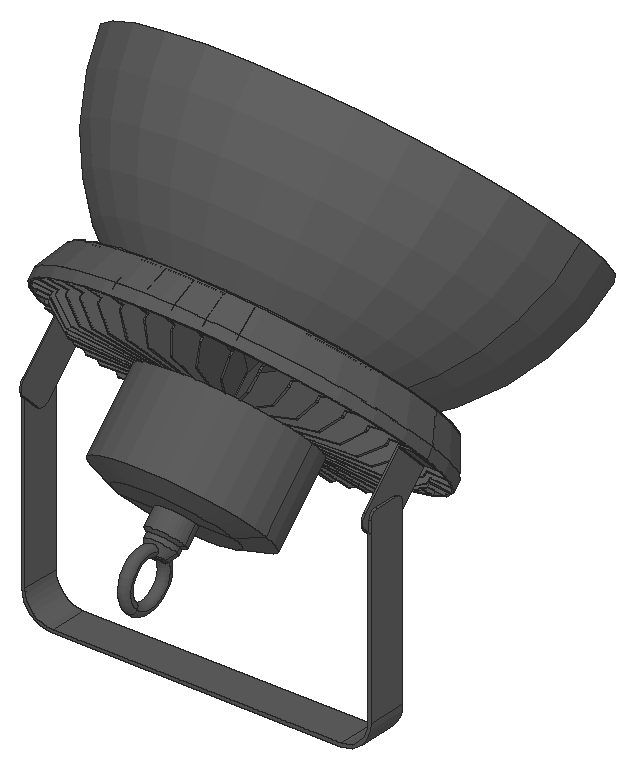
Revit family "0039346+0039355+0039360 Feilo Sylvania Lighting Fixture START HIGHBAY 4K 26KLM MEDIUM with BRACKET and ALU SHADE BLACK COLOR", category Lighting Fixtures, host Face, Revit 2017
Family settings
  Host = Face
  Round Connector Dimension = Use Diameter
  Part Type = Normal
  OmniClass Number = 23.80.70.00
  OmniClass Title = Lighting
  Cut with Voids When Loaded = No
  Light Source = No
  Shared = No
  Room Calculation Point = No
Parameters (values of type "0039346+0039355+0039360 START HIGHBAY 4K 26KLM MEDIUM with BRACKET and ALU SHADE BLACK COLOR")
  Weight = "3.7 kg"
  Wattage Comments = ""
  WarrantyStartDate [instance] = "n/a"
  WarrantyGuarantorParts = "n/a"
  WarrantyDurationUnit = "n/a"
  WarrantyDurationParts = "n/a"
  WarrantyDescription = "n/a"
  Voltage = 230 V
  URL = "http://www.sylvania-lighting.com"
  TypeName = "START HIGHBAY 4K 26KLM MEDIUM with BRACKET and ALU SHADE BLACK COLOR"
  TypeHead_FEILO = Start LED Highbay Head : 0039346+0039355+0039360 START HIGHBAY 4K 26KLM MEDIUM with BRACKET and ALU SHADE BLACK COLOR
  Type Image = <None>
  Type Comments = "n/a"
  TiltAngle_FEILO [instance] = 45.00°
  ThicknessBracketPlate_FEILO = 3 mm
  SizeBracketS_FEILO = no
  SizeBracketM_FEILO = no
  SerialNumber [instance] = "n/a"
  RadiusBracketTop_FEILO = 7 mm
  RadiusBendOut_FEILO = if(SizeBracketS_FEILO, 18 mm, if(SizeBracketM_FEILO, 24 mm, 28 mm))  # 28 mm
  RadiusBendIn_FEILO = RadiusBendOut_FEILO - ThicknessBracketPlate_FEILO  # 25 mm
  Material_3_FEILO = none
  PowerFactor = 0.95
  PowerConsumption = "200 W"
  NominalLength = 339 mm
  NominalHeight = 194 mm
  NominalDepth = 339 mm
  Name = "START HIGHBAY 4K 26KLM MEDIUM with BRACKET and ALU SHADE BLACK COLOR"
  ModelReference = Name  # "START HIGHBAY 4K 26KLM MEDIUM with BRACKET and ALU SHADE BLACK COLOR"
  ModelNumber = "0039346+0039355+0039360"
  Model = Name  # "START HIGHBAY 4K 26KLM MEDIUM with BRACKET and ALU SHADE BLACK COLOR"
  Material = "aluminium alloy housing, polycarbonate diffuser"
  ManufacturerName = "Feilo Sylvania"
  Manufacturer = "Feilo Sylvania"
  LuminousEfficacy = "130 lm/W"
  LuminaireType = ""
  LightOutputRatio = "n/a"
  LampsType = Lamp  # "LED"
  LampNominalLuminous = "26000 lm"
  LampMacAdamStep = "n/a"
  LampColourTemperature = "4000 K"
  LampColourRenderingIndex = "80"
  Lamp = "LED"
  Keynote = "16500"
  InstallationDate [instance] = "n/a"
  InputVoltage = "220-240V~"
  InputNominalFrequency = "50/60 Hz"
  IngressProtection = "IP65"
  ImpactProtectionIndex = "IK08"
  IfcExportType = "IfcLightFixtureType"
  IfcExportAs = "IfcLightFixtureType"
  ExpectedLife = 50000
  EndAngle_FEILO [instance] = TiltAngle_FEILO + 180.00°  # 225.00°
  ElectricShockClassification = "Class I"
  DurationUnit = "hours"
  DocumentationLiterature = "http://www.sylvania-lighting.com/product/en-int/products/0039346"
  DimmingControlOptions = "n/a"
  Material_2_FEILO = none
  Description = "START HIGHBAY, includes 1 m cables, black aluminium housing, 26000LM, 200W, 130lm/W, 4000K, Driver current: 5000mA, CR80, 60° beam angle, 1-10V dimmable,  IP65, IK08, 50,000 hrs (L70B50), (LxWxH) 339x339x194mm"
  Default Elevation = 1219.2 mm
  CreatedOn = "2/28/2018"
  CreatedBy = ""
  Cost = 0
  built-in parameter 1114216 [instance] = (empty or 0)
  ClassificationValue = "EF_70_80"
  ClassificationName = "Uniclass2015"
  Material_1_FEILO = Body-Sylvania-StartHighbay-Black
  BracketHeight_FEILO = if(SizeBracketS_FEILO, 199.5 mm, if(SizeBracketM_FEILO, 209.6 mm, 201.3 mm))  # 201.3 mm
  BracketDistanceInner_FEILO = if(SizeBracketS_FEILO, 249.4 mm, if(SizeBracketM_FEILO, 273.6 mm, 313.2 mm))  # 313.2 mm
  BarCode [instance] = "n/a"
  AssetType = "Fixed"
  AssetIdentifier [instance] = "n/a"
  Assembly Code = "D5020200"
  Apparent Load = 200 VA
  Material_4_FEILO = none
Reference planes
  plane 1 "Center (Front/Back)": y = 0
  plane 2: z = 0
  plane 3 "Center (Left/Right)": x = 0
  plane 4: x = -159.6
  plane 5: x = 159.6
  plane 6: z = 201.3
  plane 7: x = -156.6
  plane 8: z = 3
  plane 9: x = 156.6
  plane 10: y = 17.5
  plane 11: y = -17.5
  plane 12: y = -19.5
  plane 13: z = 203.3
  plane 14: y = 19.5
  plane 15: z = 192.3
Forms (mm)
  Extrusion 1, solid, material "Body-Sylvania-StartHighbay-Black" <- "Material_1_FEILO"
    sketch origin (0, 0, 0) x (1, 0, 0) y (0, 0, 1)
      loop
        line (-159.6, 201.3) -> (-159.6, 28)
        arc (-159.6, 28) -> (-151.399, 8.201) -> (-131.6, 0) r 28
        line (-131.6, 0) -> (131.6, 0)
        arc (131.6, 0) -> (151.399, 8.201) -> (159.6, 28) r 28
        line (159.6, 28) -> (159.6, 201.3) -> (156.6, 201.3) -> (156.6, 28)
        arc (156.6, 28) -> (149.278, 10.322) -> (131.6, 3) r 25
        line (131.6, 3) -> (-131.6, 3)
        arc (-131.6, 3) -> (-149.278, 10.322) -> (-156.6, 28) r 25
        line (-156.6, 28) -> (-156.6, 201.3) -> (-159.6, 201.3)
    from -17.5 to 17.5
  Extrusion 2, void
    sketch origin (0, 0, 0) x (0, 1, 0) y (0, 0, 1)
      loop
        arc (10.5, 201.3) -> (15.45, 199.25) -> (17.5, 194.3) r 7
        line (17.5, 194.3) -> (19.5, 194.3) -> (19.5, 203.3) -> (-19.5, 203.3) -> (-19.5, 194.3) -> (-17.5, 194.3)
        arc (-17.5, 194.3) -> (-15.45, 199.25) -> (-10.5, 201.3) r 7
        line (-10.5, 201.3) -> (10.5, 201.3)
    from -159.6 to 159.6
  Revolve 3, solid, not visible
    sketch origin (1223.4, -4572, 192.3) x (0, -1, 0) y (1, 0, 0)
      loop
        line (-4572, -1223.4) -> (-4591.5, -1223.4) -> (-4591.5, -1277.783) -> (-4572, -1277.783) -> (-4572, -1223.4)
      axis (-4572, -1223.4) -> (-4572, -1277.783)
    angle from 45 <- "TiltAngle_FEILO" to 225 <- "EndAngle_FEILO"
Cuts and joins
  Extrusion 2 cuts Extrusion 1
Dimensions and locks
  "BracketHeight_FEILO": plane 6 to plane 2
  equal spacing: plane 11, plane 1 "Center (Front/Back)", plane 10
  locked: plane 11 to plane 10 at 35
  equal spacing: plane 9, plane 3 "Center (Left/Right)", plane 7
  "BracketDistanceInner_FEILO": plane 9 to plane 7
  "ThicknessBracketPlate_FEILO": plane 7 to plane 4
  "ThicknessBracketPlate_FEILO": plane 8 to plane 2
  equal spacing: plane 5, plane 3 "Center (Left/Right)", plane 4
  equal spacing: plane 12, plane 1 "Center (Front/Back)", plane 14
  locked: plane 6 to plane 13 at 2
  locked: plane 12 to plane 11 at 2
  locked: plane 6 to plane 15 at 9
  "RadiusBendOut_FEILO": radius of Extrusion 1 sketch curve  (x2)
  "RadiusBendIn_FEILO": radius of Extrusion 1 sketch curve  (x2)
  "RadiusBracketTop_FEILO": radius of Extrusion 2 sketch curve  (x2)
  aligned and locked: plane 2 to host face
  aligned and locked: level to host face
  aligned and locked: Extrusion 1 sketch curve to plane 4
  aligned and locked: Extrusion 1 sketch curve to level
  aligned and locked: plane 6 to Extrusion 1 sketch curve
  aligned and locked: Extrusion 1 sketch curve to plane 6
  aligned and locked: Extrusion 1 sketch curve to plane 7
  aligned and locked: plane 9 to Extrusion 1 sketch curve
  aligned and locked: plane 8 to Extrusion 1 sketch curve
  aligned and locked: Extrusion 1 to plane 10
  aligned and locked: plane 11 to Extrusion 1
  aligned and locked: Extrusion 1 to Extrusion 2 sketch curve
  aligned and locked: plane 14 to Extrusion 2 sketch curve  (x2)
  aligned and locked: Extrusion 2 sketch curve to plane 12
  aligned and locked: plane 13 to Extrusion 2 sketch curve
  aligned and locked: plane 5 to Extrusion 2
  aligned and locked: Extrusion 2 to plane 4
  aligned and locked: Revolve 3 sketch curve to plane 1 "Center (Front/Back)"
  aligned and locked: Revolve 3 sketch curve to Revolve 3 sketch curve
  aligned and locked: plane 3 "Center (Left/Right)" to Revolve 3 sketch curve
  aligned and locked: Revolve 3 sketch curve to plane 14
  aligned and locked: nested 1 to plane 3 "Center (Left/Right)"
Automatic sketch dimensions
  host sketch curve to host sketch curve = 2438.4 mm  (x2)
  Revolve 3 sketch curve to Revolve 3 sketch curve = 54.383 mm
  Revolve 3 sketch curve to plane 4 = 1396.3 mm
  plane 5 to Revolve 3 sketch curve = 1396.3 mm
  Extrusion 1 sketch curve to Extrusion 1 sketch curve = 0 mm
  Extrusion 2 sketch curve to plane 11 = 0 mm
  Extrusion 2 sketch curve to plane 10 = 0 mm
Nested families
  nested 1: "Start LED Highbay Head" at (0, 0, 192.3) x (-1, 0, 0) z (0, 0.7071, 0.7071), type <- "TypeHead_FEILO", type "0039346+0039355+0039360 START HIGHBAY 4K 26KLM MEDIUM with BRACKET and ALU SHADE BLACK COLOR"
    with built-in parameter 1114216 (empty or 0)
Connectors
  electrical at (0, 0, 0), driven by "Apparent Load", driven by "PowerFactor", driven by "Voltage"
    settings: index 1, voltage 230 V, apparent load 200 VA, apparent load phase1 0 VA, apparent load phase2 0 VA, apparent load phase3 0 VA, power factor 0.95, load classification "Lighting", number of poles 1, system type 30, power factor state 1, is connector primary yes, connector utility no, sub classification motor no, connector description ""
Definition of nested family "Start LED Highbay Head"
  Parameters (values of type "0039351+0039354+0039358 START HIGHBAY 6K 19KLM WIDE with BRACKET and PC LAMPSHADE TRANSPARENT ")
    X_FEILO = if(SizeS_FEILO, 60.3 mm, if(SizeM_FEILO, 70.4 mm, 83.5 mm))  # 70.4 mm
    WidthStraight_FEILO = if(SizeS_FEILO, 3 mm, if(SizeM_FEILO, 4 mm, 4.7 mm))  # 4 mm
    WidthRingChamfer_FEILO = if(SizeS_FEILO, 10.3 mm, if(SizeM_FEILO, 11.2 mm, 12.9 mm))  # 11.2 mm
    WidthCurved_FEILO = if(SizeS_FEILO, 17.4 mm, if(SizeM_FEILO, 16.4 mm, 26.2 mm))  # 16.4 mm
    WidthCurvedRing_FEILO = if(SizeS_FEILO, 3 mm, if(SizeM_FEILO, 4 mm, 4.7 mm))  # 4 mm
    WidthBracket_FEILO = 40 mm
    Wattage Comments = ""
    Wattage = 150 W
    built-in parameter 1150110 = 1 (stored number, unit not read)
    URL = "http://www.feilosylvania.com"
    Type Image = (empty or 0)
    Type Comments = "n/a"
    built-in parameter 1114217 = 1 (stored number, unit not read)
    Tilt Angle = -90.00°
    ThicknessWall_FEILO = 1.5 mm
    ThicknessBracket_FEILO = 1.5 mm
    ThicknessBracketHalf_FEILO = ThicknessBracket_FEILO / 2  # 0.75 mm
    built-in parameter 1150109 = 1 (stored number, unit not read)
    built-in parameter 1150134 = 1
    built-in parameter 1150113 = 1 (stored number, unit not read)
    SizeS_FEILO = no
    SizeM_FEILO = yes
    ShadeThickness_FEILO = 3 mm
    ShadeSizeSM_FEILO = or(SizeS_FEILO, SizeM_FEILO)  # yes
    ShadeRadiusOut_FEILO = 205 mm
    ShadeRadiusIn_FEILO = if(ShadeSizeSM_FEILO, 95 mm, 121 mm)  # 95 mm
    ShadeRadiusBend_FEILO = if(ShadeSizeSM_FEILO, 210 mm, 210 mm)  # 210 mm
    ShadeOn_FEILO = yes
    ShadeHeight_FEILO = if(ShadeSizeSM_FEILO, 120 mm, 151 mm)  # 120 mm
    Rib4_FEILO = if(SizeS_FEILO, 18.1 mm, if(SizeM_FEILO, 13.6 mm, 14.6 mm))  # 13.6 mm
    Rib3_FEILO = if(SizeS_FEILO, 15.3 mm, if(SizeM_FEILO, 17.6 mm, 20.2 mm))  # 17.6 mm
    Rib2_FEILO = if(SizeS_FEILO, 3.6 mm, if(SizeM_FEILO, 3.9 mm, 4.5 mm))  # 3.9 mm
    Rib1_FEILO = if(SizeS_FEILO, 15.1 mm, if(SizeM_FEILO, 16.5 mm, 19 mm))  # 16.5 mm
    RadiusDiffuser_FEILO = if(SizeS_FEILO, 95.2 mm, if(SizeM_FEILO, 105.3 mm, 120 mm))  # 105.3 mm
    RadiusArrayPost_FEILO = DriverRadius_FEILO - 6 mm  # 61.2 mm
    RHRadius3_FEILO = if(SizeS_FEILO, 6.6 mm, if(SizeM_FEILO, 7.4 mm, 8.6 mm))  # 7.4 mm
    RHRadius2_FEILO = if(SizeS_FEILO, 11 mm, if(SizeM_FEILO, 12 mm, 14 mm))  # 12 mm
    RHRadius1_FEILO = if(SizeS_FEILO, 13.6 mm, if(SizeM_FEILO, 14.9 mm, 17.7 mm))  # 14.9 mm
    RHHeight4_FEILO = if(SizeS_FEILO, 7.3 mm, if(SizeM_FEILO, 8 mm, 9.2 mm))  # 8 mm
    RHHeight3_FEILO = if(SizeS_FEILO, 3.6 mm, if(SizeM_FEILO, 3.7 mm, 4.6 mm))  # 3.7 mm
    RHHeight2_FEILO = if(SizeS_FEILO, 2 mm, if(SizeM_FEILO, 2.2 mm, 2.6 mm))  # 2.2 mm
    RHHeight1_FEILO = if(SizeS_FEILO, 11.8 mm, if(SizeM_FEILO, 15.3 mm, 17.4 mm))  # 15.3 mm
    Photometric Web File = "0039351+0039358.ies"
    Material_5_FEILO = none
    Material_3_FEILO = none
    Model = "START HIGHBAY 6K 19KLM WIDE with BRACKET and PC LAMPSHADE TRANSPARENT"
    Manufacturer = "Feilo Sylvania"
    built-in parameter 1150105 = 10854.2 (stored number, unit not read)
    Lumens = 19500 lm
    built-in parameter 1150115 = 1 (stored number, unit not read)
    built-in parameter 1150137 = (empty or 0)
    built-in parameter 1150139 = (empty or 0)
    built-in parameter 1150112 = 1 (stored number, unit not read)
    built-in parameter 1150114 = 1 (stored number, unit not read)
    Lamp = "LED"
    Keynote = "16500"
    built-in parameter 1150132 = (empty or 0)
    built-in parameter 1150102 = (empty or 0)
    built-in parameter 1150107 = 6500 (stored number, unit not read)
    built-in parameter 1150138 = (empty or 0)
    built-in parameter 1150106 = 108.54 (stored number, unit not read)
    HeightRing_FEILO = if(SizeS_FEILO, 19.8 mm, if(SizeM_FEILO, 32 mm, 36.8 mm))  # 32 mm
    HeightRingChamfer_FEILO = if(SizeS_FEILO, 11.7 mm, if(SizeM_FEILO, 23.2 mm, 26.6 mm))  # 23.2 mm
    EyeThickness_FEILO = if(SizeS_FEILO, 8.4 mm, if(SizeM_FEILO, 9.2 mm, 10.5 mm))  # 9.2 mm
    EyeThicknessHalf_FEILO = EyeThickness_FEILO / 2  # 4.6 mm
    EyeInner_FEILO = if(SizeS_FEILO, 13.8 mm, if(SizeM_FEILO, 15.1 mm, 17.3 mm))  # 15.1 mm
    Emit from Circle Diameter = RadiusDiffuser_FEILO * 2  # 210.6 mm
    Emit Shape Visible in Rendering = no
    built-in parameter 1150104 = 12.077 (stored number, unit not read)
    DriverVerticalStraight_FEILO = if(SizeS_FEILO, 46.5 mm, if(SizeM_FEILO, 49.7 mm, 57 mm))  # 49.7 mm
    DriverVerticalChamfer_FEILO = if(SizeS_FEILO, 7.5 mm, if(SizeM_FEILO, 8.2 mm, 9.5 mm))  # 8.2 mm
    DriverRadius_FEILO = if(SizeS_FEILO, 61.4 mm, if(SizeM_FEILO, 67.2 mm, 76.4 mm))  # 67.2 mm
    DriverRadiusTop_FEILO = if(SizeS_FEILO, 42 mm, if(SizeM_FEILO, 45.3 mm, 52.4 mm))  # 45.3 mm
    DriverBottom_FEILO = if(SizeS_FEILO, 56 mm, if(SizeM_FEILO, 64.5 mm, 74 mm))  # 64.5 mm
    Material_2_FEILO = none
    Radius_FEILO = if(SizeS_FEILO, 135 mm, if(SizeM_FEILO, 148 mm, 169.5 mm))  # 148 mm
    Dimming Lamp Color Temperature Shift = (empty or 0)
    DiameterWire_FEILO = 3 mm
    DiameterWireSupport_FEILO = 10 mm
    Description = "START HIGHBAY, includes 1 m cables, black aluminium housing, 19500LM, 150W, 130lm/W, 6500K, Driver current: 2140mA, CR80, 60° beam angle, 1-10V dimmable,  IP65, IK08, 50,000 hrs (L70B50), (LxWxH) 296x296x177mm"
    Default Elevation = 1219.2 mm
    Cost = 0
    Color Filter = 16777215
    built-in parameter 1114216 [instance] = (empty or 0)
    Material_1_FEILO = none
    built-in parameter 1114218 = 1 (stored number, unit not read)
    built-in parameter 1150133 = 10 (stored number, unit not read)
    Assembly Code = "D5020200"
    Apparent Load = 150 VA
    Material_4_FEILO = none
  Types (36, lengths in mm): name | X_FEILO | WidthStraight_FEILO | WidthRingChamfer_FEILO | WidthCurved_FEILO | WidthCurvedRing_FEILO | Wattage | built-in parameter 1150134 | SizeS_FEILO | SizeM_FEILO | ShadeSizeSM_FEILO | ShadeRadiusIn_FEILO | ShadeOn_FEILO | ShadeHeight_FEILO | Rib4_FEILO | Rib3_FEILO | Rib2_FEILO | Rib1_FEILO | RadiusDiffuser_FEILO | RadiusArrayPost_FEILO | RHRadius3_FEILO | RHRadius2_FEILO | RHRadius1_FEILO | RHHeight4_FEILO | RHHeight3_FEILO | RHHeight2_FEILO | RHHeight1_FEILO | Photometric Web File | Model | built-in parameter 1150105 | Lumens | built-in parameter 1150107 | built-in parameter 1150106 | HeightRing_FEILO | HeightRingChamfer_FEILO | EyeThickness_FEILO | EyeThicknessHalf_FEILO | EyeInner_FEILO | Emit from Circle Diameter | DriverVerticalStraight_FEILO | DriverVerticalChamfer_FEILO | DriverRadius_FEILO | DriverRadiusTop_FEILO | DriverBottom_FEILO | Radius_FEILO | Description | Apparent Load
    0039352+0039355+0039361 START HIGHBAY 6K 26KLM WIDE with BRACKET and PC LAMPSHADE TRANSPARENT | 83.5 | 4.7 | 12.9 | 26.2 | 4.7 | 200 W | 1 | no | no | no | 121 | yes | 151 | 14.6 | 20.2 | 4.5 | 19 | 120 | 70.4 | 8.6 | 14 | 17.7 | 9.2 | 4.6 | 2.6 | 17.4 | "0039352+0039361.ies" | "START HIGHBAY 6K 26KLM WIDE with BRACKET and PC LAMPSHADE TRANSPARENT" | 17911 (stored number, unit not read) | 26000 lm | 6500 (stored number, unit not read) | 179.11 (stored number, unit not read) | 36.8 | 26.6 | 10.5 | 5.25 | 17.3 | 240 | 57 | 9.5 | 76.4 | 52.4 | 74 | 169.5 | "START HIGHBAY, includes 1 m cables, black aluminium housing, 26000LM, 200W, 130lm/W, 6500K, Driver current: 5000mA, CR80, 60° beam angle, 1-10V dimmable,  IP65, IK08, 50,000 hrs (L70B50), (LxWxH) 339x339x194mm" | 200 VA
    0039352+0039355+0039360 START HIGHBAY 6K 26KLM WIDE with BRACKET and ALU SHADE BLACK COLOR | 83.5 | 4.7 | 12.9 | 26.2 | 4.7 | 200 W | 1 | no | no | no | 121 | yes | 151 | 14.6 | 20.2 | 4.5 | 19 | 120 | 70.4 | 8.6 | 14 | 17.7 | 9.2 | 4.6 | 2.6 | 17.4 | "0039352+0039360.ies" | "START HIGHBAY 6K 26KLM WIDE with BRACKET and ALU SHADE BLACK COLOR" | 14870 (stored number, unit not read) | 26000 lm | 6500 (stored number, unit not read) | 148.7 (stored number, unit not read) | 36.8 | 26.6 | 10.5 | 5.25 | 17.3 | 240 | 57 | 9.5 | 76.4 | 52.4 | 74 | 169.5 | "START HIGHBAY, includes 1 m cables, black aluminium housing, 26000LM, 200W, 130lm/W, 6500K, Driver current: 5000mA, CR80, 60° beam angle, 1-10V dimmable,  IP65, IK08, 50,000 hrs (L70B50), (LxWxH) 339x339x194mm" | 200 VA
    0039352+0039355+0039359 START HIGHBAY 6K 26KLM WIDE with BRACKET and ALU SHADE ALU COLOR | 83.5 | 4.7 | 12.9 | 26.2 | 4.7 | 200 W | 1 | no | no | no | 121 | yes | 151 | 14.6 | 20.2 | 4.5 | 19 | 120 | 70.4 | 8.6 | 14 | 17.7 | 9.2 | 4.6 | 2.6 | 17.4 | "0039352+0039359.ies" | "START HIGHBAY 6K 26KLM WIDE with BRACKET and ALU SHADE ALU COLOR" | 14870 (stored number, unit not read) | 26000 lm | 6500 (stored number, unit not read) | 148.7 (stored number, unit not read) | 36.8 | 26.6 | 10.5 | 5.25 | 17.3 | 240 | 57 | 9.5 | 76.4 | 52.4 | 74 | 169.5 | "START HIGHBAY, includes 1 m cables, black aluminium housing, 26000LM, 200W, 130lm/W, 6500K, Driver current: 5000mA, CR80, 60° beam angle, 1-10V dimmable,  IP65, IK08, 50,000 hrs (L70B50), (LxWxH) 339x339x194mm" | 200 VA
    0039352+0039355 START HIGHBAY 6K 26KLM WIDE with BRACKET | 83.5 | 4.7 | 12.9 | 26.2 | 4.7 | 200 W | 1 | no | no | no | 121 | no | 151 | 14.6 | 20.2 | 4.5 | 19 | 120 | 70.4 | 8.6 | 14 | 17.7 | 9.2 | 4.6 | 2.6 | 17.4 | "0039352.ies" | "START HIGHBAY 6K 26KLM WIDE with BRACKET" | 13836.2 (stored number, unit not read) | 26000 lm | 6500 (stored number, unit not read) | 138.36 (stored number, unit not read) | 36.8 | 26.6 | 10.5 | 5.25 | 17.3 | 240 | 57 | 9.5 | 76.4 | 52.4 | 74 | 169.5 | "START HIGHBAY, includes 1 m cables, black aluminium housing, 26000LM, 200W, 130lm/W, 6500K, Driver current: 5000mA, CR80, 60° beam angle, 1-10V dimmable,  IP65, IK08, 50,000 hrs (L70B50), (LxWxH) 339x339x194mm" | 200 VA
    0039351+0039354+0039358 START HIGHBAY 6K 19KLM WIDE with BRACKET and PC LAMPSHADE TRANSPARENT | 70.4 | 4 | 11.2 | 16.4 | 4 | 150 W | 1 | no | yes | yes | 95 | yes | 120 | 13.6 | 17.6 | 3.9 | 16.5 | 105.3 | 61.2 | 7.4 | 12 | 14.9 | 8 | 3.7 | 2.2 | 15.3 | "0039351+0039358.ies" | "START HIGHBAY 6K 19KLM WIDE with BRACKET and PC LAMPSHADE TRANSPARENT" | 10854.2 (stored number, unit not read) | 19500 lm | 6500 (stored number, unit not read) | 108.54 (stored number, unit not read) | 32 | 23.2 | 9.2 | 4.6 | 15.1 | 210.6 | 49.7 | 8.2 | 67.2 | 45.3 | 64.5 | 148 | "START HIGHBAY, includes 1 m cables, black aluminium housing, 19500LM, 150W, 130lm/W, 6500K, Driver current: 2140mA, CR80, 60° beam angle, 1-10V dimmable,  IP65, IK08, 50,000 hrs (L70B50), (LxWxH) 296x296x177mm" | 150 VA
    0039351+0039354+0039357 START HIGHBAY 6K 19KLM WIDE with BRACKET and ALU SHADE BLACK COLOR | 70.4 | 4 | 11.2 | 16.4 | 4 | 150 W | 1 | no | yes | yes | 95 | yes | 120 | 13.6 | 17.6 | 3.9 | 16.5 | 105.3 | 61.2 | 7.4 | 12 | 14.9 | 8 | 3.7 | 2.2 | 15.3 | "0039351+0039357.ies" | "START HIGHBAY 6K 19KLM WIDE with BRACKET and ALU SHADE BLACK COLOR" | 11152.5 (stored number, unit not read) | 19500 lm | 6500 (stored number, unit not read) | 111.52 (stored number, unit not read) | 32 | 23.2 | 9.2 | 4.6 | 15.1 | 210.6 | 49.7 | 8.2 | 67.2 | 45.3 | 64.5 | 148 | "START HIGHBAY, includes 1 m cables, black aluminium housing, 19500LM, 150W, 130lm/W, 6500K, Driver current: 2140mA, CR80, 60° beam angle, 1-10V dimmable,  IP65, IK08, 50,000 hrs (L70B50), (LxWxH) 296x296x177mm" | 150 VA
    0039351+0039354+0039356 START HIGHBAY 6K 19KLM WIDE with BRACKET and ALU SHADE ALU COLOR | 70.4 | 4 | 11.2 | 16.4 | 4 | 150 W | 1 | no | yes | yes | 95 | yes | 120 | 13.6 | 17.6 | 3.9 | 16.5 | 105.3 | 61.2 | 7.4 | 12 | 14.9 | 8 | 3.7 | 2.2 | 15.3 | "0039351+0039356.ies" | "START HIGHBAY 6K 19KLM WIDE with BRACKET and ALU SHADE ALU COLOR" | 11152.5 (stored number, unit not read) | 19500 lm | 6500 (stored number, unit not read) | 111.52 (stored number, unit not read) | 32 | 23.2 | 9.2 | 4.6 | 15.1 | 210.6 | 49.7 | 8.2 | 67.2 | 45.3 | 64.5 | 148 | "START HIGHBAY, includes 1 m cables, black aluminium housing, 19500LM, 150W, 130lm/W, 6500K, Driver current: 2140mA, CR80, 60° beam angle, 1-10V dimmable,  IP65, IK08, 50,000 hrs (L70B50), (LxWxH) 296x296x177mm" | 150 VA
    0039351+0039354 START HIGHBAY 6K 19KLM WIDE with BRACKET | 70.4 | 4 | 11.2 | 16.4 | 4 | 150 W | 1 | no | yes | yes | 95 | no | 120 | 13.6 | 17.6 | 3.9 | 16.5 | 105.3 | 61.2 | 7.4 | 12 | 14.9 | 8 | 3.7 | 2.2 | 15.3 | "0039351.ies" | "START HIGHBAY 6K 19KLM WIDE with BRACKET" | 10377.1 (stored number, unit not read) | 19500 lm | 6500 (stored number, unit not read) | 103.77 (stored number, unit not read) | 32 | 23.2 | 9.2 | 4.6 | 15.1 | 210.6 | 49.7 | 8.2 | 67.2 | 45.3 | 64.5 | 148 | "START HIGHBAY, includes 1 m cables, black aluminium housing, 19500LM, 150W, 130lm/W, 6500K, Driver current: 2140mA, CR80, 60° beam angle, 1-10V dimmable,  IP65, IK08, 50,000 hrs (L70B50), (LxWxH) 296x296x177mm" | 150 VA
    0039350+0039353+0039358 START HIGHBAY 6K 13KLM WIDE with BRACKET and PC LAMPSHADE TRANSPARENT | 60.3 | 3 | 10.3 | 17.4 | 3 | 100 W | 1 | yes | no | yes | 95 | yes | 120 | 18.1 | 15.3 | 3.6 | 15.1 | 95.2 | 55.4 | 6.6 | 11 | 13.6 | 7.3 | 3.6 | 2 | 11.8 | "0039350+0039358.ies" | "START HIGHBAY 6K 13KLM WIDE with BRACKET and PC LAMPSHADE TRANSPARENT" | 7236.1 (stored number, unit not read) | 13000 lm | 6500 (stored number, unit not read) | 72.361 (stored number, unit not read) | 19.8 | 11.7 | 8.4 | 4.2 | 13.8 | 190.4 | 46.5 | 7.5 | 61.4 | 42 | 56 | 135 | "START HIGHBAY, includes 1 m cables, black aluminium housing, 13000LM, 100W, 130lm/W, 6500K, Driver current: 2140mA, CR80, 60° beam angle, 1-10V dimmable,  IP65, IK08, 50,000 hrs (L70B50), (LxWxH) 270x270x170mm" | 100 VA
    0039350+0039353+0039357 START HIGHBAY 6K 13KLM WIDE with BRACKET and ALU SHADE BLACK COLOR | 60.3 | 3 | 10.3 | 17.4 | 3 | 100 W | 1 | yes | no | yes | 95 | yes | 120 | 18.1 | 15.3 | 3.6 | 15.1 | 95.2 | 55.4 | 6.6 | 11 | 13.6 | 7.3 | 3.6 | 2 | 11.8 | "0039350+0039357.ies" | "START HIGHBAY 6K 13KLM WIDE with BRACKET and ALU SHADE BLACK COLOR" | 7435 (stored number, unit not read) | 13000 lm | 6500 (stored number, unit not read) | 74.35 (stored number, unit not read) | 19.8 | 11.7 | 8.4 | 4.2 | 13.8 | 190.4 | 46.5 | 7.5 | 61.4 | 42 | 56 | 135 | "START HIGHBAY, includes 1 m cables, black aluminium housing, 13000LM, 100W, 130lm/W, 6500K, Driver current: 2140mA, CR80, 60° beam angle, 1-10V dimmable,  IP65, IK08, 50,000 hrs (L70B50), (LxWxH) 270x270x170mm" | 100 VA
    0039350+0039353+0039356 START HIGHBAY 6K 13KLM WIDE with BRACKET and ALU SHADE ALU COLOR | 60.3 | 3 | 10.3 | 17.4 | 3 | 100 W | 1 | yes | no | yes | 95 | yes | 120 | 18.1 | 15.3 | 3.6 | 15.1 | 95.2 | 55.4 | 6.6 | 11 | 13.6 | 7.3 | 3.6 | 2 | 11.8 | "0039350+0039356.ies" | "START HIGHBAY 6K 13KLM WIDE with BRACKET and ALU SHADE ALU COLOR" | 7435 (stored number, unit not read) | 13000 lm | 6500 (stored number, unit not read) | 74.35 (stored number, unit not read) | 19.8 | 11.7 | 8.4 | 4.2 | 13.8 | 190.4 | 46.5 | 7.5 | 61.4 | 42 | 56 | 135 | "START HIGHBAY, includes 1 m cables, black aluminium housing, 13000LM, 100W, 130lm/W, 6500K, Driver current: 2140mA, CR80, 60° beam angle, 1-10V dimmable,  IP65, IK08, 50,000 hrs (L70B50), (LxWxH) 270x270x170mm" | 100 VA
    0039350+0039353 START HIGHBAY 6K 13KLM WIDE with BRACKET | 60.3 | 3 | 10.3 | 17.4 | 3 | 100 W | 1 | yes | no | yes | 95 | no | 120 | 18.1 | 15.3 | 3.6 | 15.1 | 95.2 | 55.4 | 6.6 | 11 | 13.6 | 7.3 | 3.6 | 2 | 11.8 | "0039350.ies" | "START HIGHBAY 6K 13KLM WIDE with BRACKET" | 6918.1 (stored number, unit not read) | 13000 lm | 6500 (stored number, unit not read) | 69.181 (stored number, unit not read) | 19.8 | 11.7 | 8.4 | 4.2 | 13.8 | 190.4 | 46.5 | 7.5 | 61.4 | 42 | 56 | 135 | "START HIGHBAY, includes 1 m cables, black aluminium housing, 13000LM, 100W, 130lm/W, 6500K, Driver current: 2140mA, CR80, 60° beam angle, 1-10V dimmable,  IP65, IK08, 50,000 hrs (L70B50), (LxWxH) 270x270x170mm" | 100 VA
    0039349+0039355+0039361 START HIGHBAY 4K 26KLM WIDE with BRACKET and PC LAMPSHADE TRANSPARENT FOR | 83.5 | 4.7 | 12.9 | 26.2 | 4.7 | 200 W | 12 | no | no | no | 121 | yes | 151 | 14.6 | 20.2 | 4.5 | 19 | 120 | 70.4 | 8.6 | 14 | 17.7 | 9.2 | 4.6 | 2.6 | 17.4 | "0039349+0039361.ies" | "START HIGHBAY 4K 26KLM WIDE with BRACKET and PC LAMPSHADE TRANSPARENT FOR" | 17911 (stored number, unit not read) | 26000 lm | 4000 (stored number, unit not read) | 179.11 (stored number, unit not read) | 36.8 | 26.6 | 10.5 | 5.25 | 17.3 | 240 | 57 | 9.5 | 76.4 | 52.4 | 74 | 169.5 | "START HIGHBAY, includes 1 m cables, black aluminium housing, 26000LM, 200W, 130lm/W, 4000K, Driver current: 5000mA, CR80, 90° beam angle, 1-10V dimmable,  IP65, IK08, 50,000 hrs (L70B50), (LxWxH) 339x339x194mm" | 200 VA
    0039349+0039355+0039360 START HIGHBAY 4K 26KLM WIDE with BRACKET and ALU SHADE BLACK COLOR | 83.5 | 4.7 | 12.9 | 26.2 | 4.7 | 200 W | 12 | no | no | no | 121 | yes | 151 | 14.6 | 20.2 | 4.5 | 19 | 120 | 70.4 | 8.6 | 14 | 17.7 | 9.2 | 4.6 | 2.6 | 17.4 | "0039349+0039360.ies" | "START HIGHBAY 4K 26KLM WIDE with BRACKET and ALU SHADE BLACK COLOR" | 14870 (stored number, unit not read) | 26000 lm | 4000 (stored number, unit not read) | 148.7 (stored number, unit not read) | 36.8 | 26.6 | 10.5 | 5.25 | 17.3 | 240 | 57 | 9.5 | 76.4 | 52.4 | 74 | 169.5 | "START HIGHBAY, includes 1 m cables, black aluminium housing, 26000LM, 200W, 130lm/W, 4000K, Driver current: 5000mA, CR80, 90° beam angle, 1-10V dimmable,  IP65, IK08, 50,000 hrs (L70B50), (LxWxH) 339x339x194mm" | 200 VA
    0039349+0039355+0039359 START HIGHBAY 4K 26KLM WIDE with BRACKET and ALU SHADE ALU COLOR | 83.5 | 4.7 | 12.9 | 26.2 | 4.7 | 200 W | 12 | no | no | no | 121 | yes | 151 | 14.6 | 20.2 | 4.5 | 19 | 120 | 70.4 | 8.6 | 14 | 17.7 | 9.2 | 4.6 | 2.6 | 17.4 | "0039349+0039359.ies" | "START HIGHBAY 4K 26KLM WIDE with BRACKET and ALU SHADE ALU COLOR" | 14870 (stored number, unit not read) | 26000 lm | 4000 (stored number, unit not read) | 148.7 (stored number, unit not read) | 36.8 | 26.6 | 10.5 | 5.25 | 17.3 | 240 | 57 | 9.5 | 76.4 | 52.4 | 74 | 169.5 | "START HIGHBAY, includes 1 m cables, black aluminium housing, 26000LM, 200W, 130lm/W, 4000K, Driver current: 5000mA, CR80, 90° beam angle, 1-10V dimmable,  IP65, IK08, 50,000 hrs (L70B50), (LxWxH) 339x339x194mm" | 200 VA
    0039349+0039355 START HIGHBAY 4K 26KLM WIDE with BRACKET | 83.5 | 4.7 | 12.9 | 26.2 | 4.7 | 200 W | 12 | no | no | no | 121 | no | 151 | 14.6 | 20.2 | 4.5 | 19 | 120 | 70.4 | 8.6 | 14 | 17.7 | 9.2 | 4.6 | 2.6 | 17.4 | "0039349.ies" | "START HIGHBAY 4K 26KLM WIDE with BRACKET" | 13836.2 (stored number, unit not read) | 26000 lm | 4000 (stored number, unit not read) | 138.36 (stored number, unit not read) | 36.8 | 26.6 | 10.5 | 5.25 | 17.3 | 240 | 57 | 9.5 | 76.4 | 52.4 | 74 | 169.5 | "START HIGHBAY, includes 1 m cables, black aluminium housing, 26000LM, 200W, 130lm/W, 4000K, Driver current: 5000mA, CR80, 90° beam angle, 1-10V dimmable,  IP65, IK08, 50,000 hrs (L70B50), (LxWxH) 339x339x194mm" | 200 VA
    0039348+0039354+0039358 START HIGHBAY 4K 19KLM WIDE with BRACKET and PC LAMPSHADE TRANSPARENT | 70.4 | 4 | 11.2 | 16.4 | 4 | 150 W | 12 | no | yes | yes | 95 | yes | 120 | 13.6 | 17.6 | 3.9 | 16.5 | 105.3 | 61.2 | 7.4 | 12 | 14.9 | 8 | 3.7 | 2.2 | 15.3 | "0039348+0039358.ies" | "START HIGHBAY 4K 19KLM WIDE with BRACKET and PC LAMPSHADE TRANSPARENT" | 10854.2 (stored number, unit not read) | 19500 lm | 4000 (stored number, unit not read) | 108.54 (stored number, unit not read) | 32 | 23.2 | 9.2 | 4.6 | 15.1 | 210.6 | 49.7 | 8.2 | 67.2 | 45.3 | 64.5 | 148 | "START HIGHBAY, includes 1 m cables, black aluminium housing, 19500LM, 150W, 130lm/W, 4000K, Driver current: 3210mA, CR80, 90° beam angle, 1-10V dimmable,  IP65, IK08, 50,000 hrs (L70B50), (LxWxH) 296x296x177mm" | 150 VA
    0039348+0039354+0039357 START HIGHBAY 4K 19KLM WIDE with BRACKET and ALU SHADE BLACK COLOR | 70.4 | 4 | 11.2 | 16.4 | 4 | 150 W | 12 | no | yes | yes | 95 | yes | 120 | 13.6 | 17.6 | 3.9 | 16.5 | 105.3 | 61.2 | 7.4 | 12 | 14.9 | 8 | 3.7 | 2.2 | 15.3 | "0039348+0039357.ies" | "START HIGHBAY 4K 19KLM WIDE with BRACKET and ALU SHADE BLACK COLOR" | 11152.5 (stored number, unit not read) | 19500 lm | 4000 (stored number, unit not read) | 111.52 (stored number, unit not read) | 32 | 23.2 | 9.2 | 4.6 | 15.1 | 210.6 | 49.7 | 8.2 | 67.2 | 45.3 | 64.5 | 148 | "START HIGHBAY, includes 1 m cables, black aluminium housing, 19500LM, 150W, 130lm/W, 4000K, Driver current: 3210mA, CR80, 90° beam angle, 1-10V dimmable,  IP65, IK08, 50,000 hrs (L70B50), (LxWxH) 296x296x177mm" | 150 VA
    0039348+0039354+0039356 START HIGHBAY 4K 19KLM WIDE with BRACKET and ALU SHADE ALU COLOR | 70.4 | 4 | 11.2 | 16.4 | 4 | 150 W | 12 | no | yes | yes | 95 | yes | 120 | 13.6 | 17.6 | 3.9 | 16.5 | 105.3 | 61.2 | 7.4 | 12 | 14.9 | 8 | 3.7 | 2.2 | 15.3 | "0039348+0039356.ies" | "START HIGHBAY 4K 19KLM WIDE with BRACKET and ALU SHADE ALU COLOR" | 11152.5 (stored number, unit not read) | 19500 lm | 4000 (stored number, unit not read) | 111.52 (stored number, unit not read) | 32 | 23.2 | 9.2 | 4.6 | 15.1 | 210.6 | 49.7 | 8.2 | 67.2 | 45.3 | 64.5 | 148 | "START HIGHBAY, includes 1 m cables, black aluminium housing, 19500LM, 150W, 130lm/W, 4000K, Driver current: 3210mA, CR80, 90° beam angle, 1-10V dimmable,  IP65, IK08, 50,000 hrs (L70B50), (LxWxH) 296x296x177mm" | 150 VA
    0039348+0039354 START HIGHBAY 4K 19KLM WIDE with BRACKET | 70.4 | 4 | 11.2 | 16.4 | 4 | 150 W | 12 | no | yes | yes | 95 | no | 120 | 13.6 | 17.6 | 3.9 | 16.5 | 105.3 | 61.2 | 7.4 | 12 | 14.9 | 8 | 3.7 | 2.2 | 15.3 | "0039348.ies" | "START HIGHBAY 4K 19KLM WIDE with BRACKET" | 10377.1 (stored number, unit not read) | 19500 lm | 4000 (stored number, unit not read) | 103.77 (stored number, unit not read) | 32 | 23.2 | 9.2 | 4.6 | 15.1 | 210.6 | 49.7 | 8.2 | 67.2 | 45.3 | 64.5 | 148 | "START HIGHBAY, includes 1 m cables, black aluminium housing, 19500LM, 150W, 130lm/W, 4000K, Driver current: 3210mA, CR80, 90° beam angle, 1-10V dimmable,  IP65, IK08, 50,000 hrs (L70B50), (LxWxH) 296x296x177mm" | 150 VA
    0039347+0039353+0039358 START HIGHBAY 4K 13KLM WIDE with BRACKET and PC LAMPSHADE TRANSPARENT | 60.3 | 3 | 10.3 | 17.4 | 3 | 100 W | 12 | yes | no | yes | 95 | yes | 120 | 18.1 | 15.3 | 3.6 | 15.1 | 95.2 | 55.4 | 6.6 | 11 | 13.6 | 7.3 | 3.6 | 2 | 11.8 | "0039347+0039358.ies" | "START HIGHBAY 4K 13KLM WIDE with BRACKET and PC LAMPSHADE TRANSPARENT" | 7236.1 (stored number, unit not read) | 13000 lm | 4000 (stored number, unit not read) | 72.361 (stored number, unit not read) | 19.8 | 11.7 | 8.4 | 4.2 | 13.8 | 190.4 | 46.5 | 7.5 | 61.4 | 42 | 56 | 135 | "START HIGHBAY, includes 1 m cables, black aluminium housing, 13000LM, 100W, 130lm/W, 4000K, Driver current: 2140mA, CR80, 90° beam angle, 1-10V dimmable,  IP65, IK08, 50,000 hrs (L70B50), (LxWxH) 270x270x170mm" | 100 VA
    0039347+0039353+0039357 START HIGHBAY 4K 13KLM WIDE with BRACKET and ALU SHADE BLACK COLOR | 60.3 | 3 | 10.3 | 17.4 | 3 | 100 W | 12 | yes | no | yes | 95 | yes | 120 | 18.1 | 15.3 | 3.6 | 15.1 | 95.2 | 55.4 | 6.6 | 11 | 13.6 | 7.3 | 3.6 | 2 | 11.8 | "0039347+0039357.ies" | "START HIGHBAY 4K 13KLM WIDE with BRACKET and ALU SHADE BLACK COLOR" | 7435 (stored number, unit not read) | 13000 lm | 4000 (stored number, unit not read) | 74.35 (stored number, unit not read) | 19.8 | 11.7 | 8.4 | 4.2 | 13.8 | 190.4 | 46.5 | 7.5 | 61.4 | 42 | 56 | 135 | "START HIGHBAY, includes 1 m cables, black aluminium housing, 13000LM, 100W, 130lm/W, 4000K, Driver current: 2140mA, CR80, 90° beam angle, 1-10V dimmable,  IP65, IK08, 50,000 hrs (L70B50), (LxWxH) 270x270x170mm" | 100 VA
    0039347+0039353+0039356 START HIGHBAY 4K 13KLM WIDE with BRACKET and ALU SHADE ALU COLOR | 60.3 | 3 | 10.3 | 17.4 | 3 | 100 W | 12 | yes | no | yes | 95 | yes | 120 | 18.1 | 15.3 | 3.6 | 15.1 | 95.2 | 55.4 | 6.6 | 11 | 13.6 | 7.3 | 3.6 | 2 | 11.8 | "0039347+0039356.ies" | "START HIGHBAY 4K 13KLM WIDE with BRACKET and ALU SHADE ALU COLOR" | 7435 (stored number, unit not read) | 13000 lm | 4000 (stored number, unit not read) | 74.35 (stored number, unit not read) | 19.8 | 11.7 | 8.4 | 4.2 | 13.8 | 190.4 | 46.5 | 7.5 | 61.4 | 42 | 56 | 135 | "START HIGHBAY, includes 1 m cables, black aluminium housing, 13000LM, 100W, 130lm/W, 4000K, Driver current: 2140mA, CR80, 90° beam angle, 1-10V dimmable,  IP65, IK08, 50,000 hrs (L70B50), (LxWxH) 270x270x170mm" | 100 VA
    0039347+0039353 START HIGHBAY 4K 13KLM WIDE with BRACKET | 60.3 | 3 | 10.3 | 17.4 | 3 | 100 W | 12 | yes | no | yes | 95 | no | 120 | 18.1 | 15.3 | 3.6 | 15.1 | 95.2 | 55.4 | 6.6 | 11 | 13.6 | 7.3 | 3.6 | 2 | 11.8 | "0039347.ies" | "START HIGHBAY 4K 13KLM WIDE with BRACKET" | 6918.1 (stored number, unit not read) | 13000 lm | 4000 (stored number, unit not read) | 69.181 (stored number, unit not read) | 19.8 | 11.7 | 8.4 | 4.2 | 13.8 | 190.4 | 46.5 | 7.5 | 61.4 | 42 | 56 | 135 | "START HIGHBAY, includes 1 m cables, black aluminium housing, 13000LM, 100W, 130lm/W, 4000K, Driver current: 2140mA, CR80, 90° beam angle, 1-10V dimmable,  IP65, IK08, 50,000 hrs (L70B50), (LxWxH) 270x270x170mm" | 100 VA
    0039346+0039355+0039361 START HIGHBAY 4K 26KLM MEDIUM with BRACKET and PC LAMPSHADE TRANSPARENT | 83.5 | 4.7 | 12.9 | 26.2 | 4.7 | 200 W | 12 | no | no | no | 121 | yes | 151 | 14.6 | 20.2 | 4.5 | 19 | 120 | 70.4 | 8.6 | 14 | 17.7 | 9.2 | 4.6 | 2.6 | 17.4 | "0039346+0039361.ies" | "START HIGHBAY 4K 26KLM MEDIUM with BRACKET and PC LAMPSHADE TRANSPARENT" | 35142.4 (stored number, unit not read) | 26000 lm | 4000 (stored number, unit not read) | 351.42 (stored number, unit not read) | 36.8 | 26.6 | 10.5 | 5.25 | 17.3 | 240 | 57 | 9.5 | 76.4 | 52.4 | 74 | 169.5 | "START HIGHBAY, includes 1 m cables, black aluminium housing, 26000LM, 200W, 130lm/W, 4000K, Driver current: 5000mA, CR80, 60° beam angle, 1-10V dimmable,  IP65, IK08, 50,000 hrs (L70B50), (LxWxH) 339x339x194mm" | 200 VA
    0039346+0039355+0039360 START HIGHBAY 4K 26KLM MEDIUM with BRACKET and ALU SHADE BLACK COLOR | 83.5 | 4.7 | 12.9 | 26.2 | 4.7 | 200 W | 12 | no | no | no | 121 | yes | 151 | 14.6 | 20.2 | 4.5 | 19 | 120 | 70.4 | 8.6 | 14 | 17.7 | 9.2 | 4.6 | 2.6 | 17.4 | "0039346+0039360.ies" | "START HIGHBAY 4K 26KLM MEDIUM with BRACKET and ALU SHADE BLACK COLOR" | 35336 (stored number, unit not read) | 26000 lm | 4000 (stored number, unit not read) | 353.36 (stored number, unit not read) | 36.8 | 26.6 | 10.5 | 5.25 | 17.3 | 240 | 57 | 9.5 | 76.4 | 52.4 | 74 | 169.5 | "START HIGHBAY, includes 1 m cables, black aluminium housing, 26000LM, 200W, 130lm/W, 4000K, Driver current: 5000mA, CR80, 60° beam angle, 1-10V dimmable,  IP65, IK08, 50,000 hrs (L70B50), (LxWxH) 339x339x194mm" | 200 VA
    0039346+0039355+0039359 START HIGHBAY 4K 26KLM MEDIUM with BRACKET and ALU SHADE ALU COLOR | 83.5 | 4.7 | 12.9 | 26.2 | 4.7 | 200 W | 12 | no | no | no | 121 | yes | 151 | 14.6 | 20.2 | 4.5 | 19 | 120 | 70.4 | 8.6 | 14 | 17.7 | 9.2 | 4.6 | 2.6 | 17.4 | "0039346+0039359.ies" | "START HIGHBAY 4K 26KLM MEDIUM with BRACKET and ALU SHADE ALU COLOR" | 35336 (stored number, unit not read) | 26000 lm | 4000 (stored number, unit not read) | 353.36 (stored number, unit not read) | 36.8 | 26.6 | 10.5 | 5.25 | 17.3 | 240 | 57 | 9.5 | 76.4 | 52.4 | 74 | 169.5 | "START HIGHBAY, includes 1 m cables, black aluminium housing, 26000LM, 200W, 130lm/W, 4000K, Driver current: 5000mA, CR80, 60° beam angle, 1-10V dimmable,  IP65, IK08, 50,000 hrs (L70B50), (LxWxH) 339x339x194mm" | 200 VA
    0039346+0039355 START HIGHBAY 4K 26KLM MEDIUM with BRACKET | 83.5 | 4.7 | 12.9 | 26.2 | 4.7 | 200 W | 12 | no | no | no | 121 | no | 151 | 14.6 | 20.2 | 4.5 | 19 | 120 | 70.4 | 8.6 | 14 | 17.7 | 9.2 | 4.6 | 2.6 | 17.4 | "0039346.ies" | "START HIGHBAY 4K 26KLM MEDIUM with BRACKET" | 32161 (stored number, unit not read) | 26000 lm | 4000 (stored number, unit not read) | 321.61 (stored number, unit not read) | 36.8 | 26.6 | 10.5 | 5.25 | 17.3 | 240 | 57 | 9.5 | 76.4 | 52.4 | 74 | 169.5 | "START HIGHBAY, includes 1 m cables, black aluminium housing, 26000LM, 200W, 130lm/W, 4000K, Driver current: 5000mA, CR80, 60° beam angle, 1-10V dimmable,  IP65, IK08, 50,000 hrs (L70B50), (LxWxH) 339x339x194mm" | 200 VA
    0039345+0039354+0039358 START HIGHBAY 4K 19KLM MEDIUM with BRACKET and PC LAMPSHADE TRANSPARENT | 70.4 | 4 | 11.2 | 16.4 | 4 | 150 W | 12 | no | yes | yes | 95 | yes | 120 | 13.6 | 17.6 | 3.9 | 16.5 | 105.3 | 61.2 | 7.4 | 12 | 14.9 | 8 | 3.7 | 2.2 | 15.3 | "0039345+0039358.ies" | "START HIGHBAY 4K 19KLM MEDIUM with BRACKET and PC LAMPSHADE TRANSPARENT" | 24535.9 (stored number, unit not read) | 19500 lm | 4000 (stored number, unit not read) | 245.36 (stored number, unit not read) | 32 | 23.2 | 9.2 | 4.6 | 15.1 | 210.6 | 49.7 | 8.2 | 67.2 | 45.3 | 64.5 | 148 | "START HIGHBAY, includes 1 m cables, black aluminium housing, 19500LM, 150W, 130lm/W, 4000K, Driver current: 3210mA, CR80, 60° beam angle, 1-10V dimmable,  IP65, IK08, 50,000 hrs (L70B50), (LxWxH) 296x296x177mm" | 150 VA
    0039345+0039354+0039357 START HIGHBAY 4K 19KLM MEDIUM with BRACKET and ALU SHADE BLACK COLOR | 70.4 | 4 | 11.2 | 16.4 | 4 | 150 W | 12 | no | yes | yes | 95 | yes | 120 | 13.6 | 17.6 | 3.9 | 16.5 | 105.3 | 61.2 | 7.4 | 12 | 14.9 | 8 | 3.7 | 2.2 | 15.3 | "0039345+0039357.ies" | "START HIGHBAY 4K 19KLM MEDIUM with BRACKET and ALU SHADE BLACK COLOR" | 26502 (stored number, unit not read) | 19500 lm | 4000 (stored number, unit not read) | 265.02 (stored number, unit not read) | 32 | 23.2 | 9.2 | 4.6 | 15.1 | 210.6 | 49.7 | 8.2 | 67.2 | 45.3 | 64.5 | 148 | "START HIGHBAY, includes 1 m cables, black aluminium housing, 19500LM, 150W, 130lm/W, 4000K, Driver current: 3210mA, CR80, 60° beam angle, 1-10V dimmable,  IP65, IK08, 50,000 hrs (L70B50), (LxWxH) 296x296x177mm" | 150 VA
    0039345+0039354+0039356 START HIGHBAY 4K 19KLM MEDIUM with BRACKET and ALU SHADE ALU COLOR | 70.4 | 4 | 11.2 | 16.4 | 4 | 150 W | 12 | no | yes | yes | 95 | yes | 120 | 13.6 | 17.6 | 3.9 | 16.5 | 105.3 | 61.2 | 7.4 | 12 | 14.9 | 8 | 3.7 | 2.2 | 15.3 | "0039345+0039356.ies" | "START HIGHBAY 4K 19KLM MEDIUM with BRACKET and ALU SHADE ALU COLOR" | 26502 (stored number, unit not read) | 19500 lm | 4000 (stored number, unit not read) | 265.02 (stored number, unit not read) | 32 | 23.2 | 9.2 | 4.6 | 15.1 | 210.6 | 49.7 | 8.2 | 67.2 | 45.3 | 64.5 | 148 | "START HIGHBAY, includes 1 m cables, black aluminium housing, 19500LM, 150W, 130lm/W, 4000K, Driver current: 3210mA, CR80, 60° beam angle, 1-10V dimmable,  IP65, IK08, 50,000 hrs (L70B50), (LxWxH) 296x296x177mm" | 150 VA
    0039345+0039354 START HIGHBAY 4K 19KLM MEDIUM with BRACKET | 70.4 | 4 | 11.2 | 16.4 | 4 | 150 W | 12 | no | yes | yes | 95 | no | 120 | 13.6 | 17.6 | 3.9 | 16.5 | 105.3 | 61.2 | 7.4 | 12 | 14.9 | 8 | 3.7 | 2.2 | 15.3 | "0039345.ies" | "START HIGHBAY 4K 19KLM MEDIUM with BRACKET" | 24120.8 (stored number, unit not read) | 19500 lm | 4000 (stored number, unit not read) | 241.21 (stored number, unit not read) | 32 | 23.2 | 9.2 | 4.6 | 15.1 | 210.6 | 49.7 | 8.2 | 67.2 | 45.3 | 64.5 | 148 | "START HIGHBAY, includes 1 m cables, black aluminium housing, 19500LM, 150W, 130lm/W, 4000K, Driver current: 3210mA, CR80, 60° beam angle, 1-10V dimmable,  IP65, IK08, 50,000 hrs (L70B50), (LxWxH) 296x296x177mm" | 150 VA
    0039344+0039353+0039358 START HIGHBAY 4K 13KLM MEDIUM with BRACKET and PC LAMPSHADE TRANSPARENT | 60.3 | 3 | 10.3 | 17.4 | 3 | 100 W | 12 | yes | no | yes | 95 | yes | 120 | 18.1 | 15.3 | 3.6 | 15.1 | 95.2 | 55.4 | 6.6 | 11 | 13.6 | 7.3 | 3.6 | 2 | 11.8 | "0039344+0039358.ies" | "START HIGHBAY 4K 13KLM MEDIUM with BRACKET and PC LAMPSHADE TRANSPARENT" | 17571.2 (stored number, unit not read) | 13000 lm | 4000 (stored number, unit not read) | 175.71 (stored number, unit not read) | 19.8 | 11.7 | 8.4 | 4.2 | 13.8 | 190.4 | 46.5 | 7.5 | 61.4 | 42 | 56 | 135 | "START HIGHBAY, includes 1 m cables, black aluminium housing, 13000LM, 100W, 130lm/W, 4000K, Driver current: 2140mA, CR80, 60° beam angle, 1-10V dimmable,  IP65, IK08, 50,000 hrs (L70B50), (LxWxH) 270x270x170mm" | 100 VA
    0039344+0039353+0039357 START HIGHBAY 4K 13KLM MEDIUM with BRACKET and ALU SHADE BLACK COLOR | 60.3 | 3 | 10.3 | 17.4 | 3 | 100 W | 12 | yes | no | yes | 95 | yes | 120 | 18.1 | 15.3 | 3.6 | 15.1 | 95.2 | 55.4 | 6.6 | 11 | 13.6 | 7.3 | 3.6 | 2 | 11.8 | "0039344+0039357.ies" | "START HIGHBAY 4K 13KLM MEDIUM with BRACKET and ALU SHADE BLACK COLOR" | 17668 (stored number, unit not read) | 13000 lm | 4000 (stored number, unit not read) | 176.68 (stored number, unit not read) | 19.8 | 11.7 | 8.4 | 4.2 | 13.8 | 190.4 | 46.5 | 7.5 | 61.4 | 42 | 56 | 135 | "START HIGHBAY, includes 1 m cables, black aluminium housing, 13000LM, 100W, 130lm/W, 4000K, Driver current: 2140mA, CR80, 60° beam angle, 1-10V dimmable,  IP65, IK08, 50,000 hrs (L70B50), (LxWxH) 270x270x170mm" | 100 VA
    0039344+0039353+0039356 START HIGHBAY 4K 13KLM MEDIUM with BRACKET and ALU SHADE ALU COLOR | 60.3 | 3 | 10.3 | 17.4 | 3 | 100 W | 12 | yes | no | yes | 95 | yes | 120 | 18.1 | 15.3 | 3.6 | 15.1 | 95.2 | 55.4 | 6.6 | 11 | 13.6 | 7.3 | 3.6 | 2 | 11.8 | "0039344+0039356.ies" | "START HIGHBAY 4K 13KLM MEDIUM with BRACKET and ALU SHADE ALU COLOR" | 17668 (stored number, unit not read) | 13000 lm | 4000 (stored number, unit not read) | 176.68 (stored number, unit not read) | 19.8 | 11.7 | 8.4 | 4.2 | 13.8 | 190.4 | 46.5 | 7.5 | 61.4 | 42 | 56 | 135 | "START HIGHBAY, includes 1 m cables, black aluminium housing, 13000LM, 100W, 130lm/W, 4000K, Driver current: 2140mA, CR80, 60° beam angle, 1-10V dimmable,  IP65, IK08, 50,000 hrs (L70B50), (LxWxH) 270x270x170mm" | 100 VA
    0039344+0039353 START HIGHBAY 4K 13KLM MEDIUM with BRACKET | 60.3 | 3 | 10.3 | 17.4 | 3 | 100 W | 12 | yes | no | yes | 95 | no | 120 | 18.1 | 15.3 | 3.6 | 15.1 | 95.2 | 55.4 | 6.6 | 11 | 13.6 | 7.3 | 3.6 | 2 | 11.8 | "0039344.ies" | "START HIGHBAY 4K 13KLM MEDIUM with BRACKET" | 16080.5 (stored number, unit not read) | 13000 lm | 4000 (stored number, unit not read) | 160.81 (stored number, unit not read) | 19.8 | 11.7 | 8.4 | 4.2 | 13.8 | 190.4 | 46.5 | 7.5 | 61.4 | 42 | 56 | 135 | "START HIGHBAY, includes 1 m cables, black aluminium housing, 13000LM, 100W, 130lm/W, 4000K, Driver current: 2140mA, CR80, 60° beam angle, 1-10V dimmable,  IP65, IK08, 50,000 hrs (L70B50), (LxWxH) 270x270x170mm" | 100 VA
  Reference planes
    plane 1 "Center (Front/Back)": y = 0
    plane 2: z = 0
    plane 3 "Center (Left/Right)": x = 0
    plane 4: z = 70.4
    plane 5: x = -148
    plane 6: x = -136.8
    plane 7: z = 47.2
    plane 8: z = 38.4
    plane 9: x = -132.8
    plane 10: z = 67.775
    plane 11: x = -116.4
    plane 12: x = -105.3
    plane 13: x = -128.8
    plane 14: z = 68.775
    plane 15: z = 66.775
    plane 16: x = -102.3
    plane 17: z = 65.775
    plane 18: x = -146.5
    plane 19: x = -131.5
    plane 20: z = 34.5
    plane 21: x = -113.9
    plane 22: z = 20.9
    plane 23: x = -20
    plane 24: z = 5.9
    plane 25: x = -67.2
    plane 26: z = -43.8
    plane 27: x = -45.3
    plane 28: z = -52
    plane 29: x = -14.9
    plane 30: z = -67.3
    plane 31: z = -69.5
    plane 32: x = -12
    plane 33: z = -73.2
    plane 34: z = -81.2
    plane 35: x = -7.4
    plane 36: z = -96.3
    plane 37: z = -111.4
    plane 38: x = 4.6
    plane 39: x = -4.6
    plane 40: z = -120.6
    plane 41: z = -116
    plane 42: x = -141.65
    plane 43: x = -145.5
    plane 44: z = 36.9
    plane 45: x = -135.3
    plane 46: z = -18.95
    plane 47: y = -20
    plane 48: y = 20
    plane 49: x = 148
    plane 50: x = 136.8
    plane 51: x = 146.5
    plane 52: x = 141.65
    plane 53: x = 145.5
    plane 54: x = 135.3
    plane 55: x = -205
    plane 56: z = 190.4
    plane 57: x = -95
    plane 58: x = -87
    plane 59: x = -202
    plane 60: z = 73.4
  Forms (mm)
    Extrusion 1, solid
      sketch origin (4.2, 0, 0) x (1, 0, 0) y (0, 1, 0)
        loop
          line (-1219.2, 1219.2) -> (-1219.2, -1219.2) -> (1219.2, -1219.2) -> (1219.2, 1219.2) -> (-1219.2, 1219.2)
      from 0 to -68.017
    Revolve 2, solid, material <- "Material_1_FEILO", detail levels medium+fine
      sketch origin (0, 0, 0) x (1, 0, 0) y (0, 0, 1)
        loop
          line (-148, 38.4) -> (-146.5, 38.4) -> (-146.5, 46.857) -> (-136.402, 67.775) -> (-128.8, 67.775) -> (-128.8, 69.259)
          arc (-128.8, 69.259) -> (-130.811, 69.79) -> (-132.8, 70.4) r 52.543
          line (-132.8, 70.4) -> (-136.341, 70.4)
          arc (-136.341, 70.4) -> (-136.831, 70.225) -> (-137.099, 69.78) r 0.774
          line (-137.099, 69.78) -> (-148, 47.2) -> (-148, 38.4)
        axis (0, 70.4) -> (0, 38.4)
      angle from 360 to 0
    Revolve 3, solid, material <- "Material_1_FEILO", detail levels medium+fine
      sketch origin (0, 0, 0) x (1, 0, 0) y (0, 0, 1)
        loop
          line (-116.4, 65.775) -> (-105.3, 65.775) -> (-105.3, 47.2) -> (0, 47.2) -> (0, 65.775) -> (-102.3, 65.775) -> (-102.3, 66.775) -> (-105.3, 66.775) -> (-105.3, 67.775) -> (-116.4, 67.775) -> (-116.4, 65.775)
        axis (0, 67.775) -> (0, 47.2)
      angle from 360 to 0
    Revolve 4, solid, material <- "Material_2_FEILO", detail levels medium+fine
      sketch origin (0, 0, 0) x (1, 0, 0) y (0, 0, 1)
        loop
          line (-105.3, 66.775) -> (0, 66.775) -> (0, 68.775) -> (-105.3, 68.775) -> (-105.3, 66.775)
        axis (0, 68.775) -> (0, 66.775)
      angle from 360 to 0
    Revolve 5, solid, material <- "Material_1_FEILO"
      sketch origin (0, 0, 0) x (1, 0, 0) y (0, 0, 1)
        loop
          line (-67.2, 20.9) -> (-67.2, -43.8) -> (-45.3, -52) -> (-14.9, -52) -> (-14.9, -67.3) -> (-12, -69.5) -> (-12, -73.2) -> (-7.837, -80.474)
          arc (-7.837, -80.474) -> (-7.29, -81.006) -> (-6.553, -81.2) r 1.5
          line (-6.553, -81.2) -> (0, -81.2) -> (0, 20.9) -> (-67.2, 20.9)
        axis (0, 20.9) -> (0, -81.2)
      angle from 360 to 0
    Revolve 6, solid, material <- "Material_1_FEILO"
      sketch origin (0, 0, 0) x (1, 0, 0) y (0, 0, 1)
        loop
          circle (0, -116) r 4.6
        axis (4.6, -96.3) -> (-4.6, -96.3)
      angle from 360 to 0
    Extrusion 7, solid, material <- "Material_1_FEILO"
      sketch origin (0, 0, 0) x (1, 0, 0) y (0, 0, 1)
        loop
          line (-145.5, 38.4) -> (-145.5, 36.9) -> (-137.55, 36.9)
          arc (-137.55, 36.9) -> (-137.02, 36.68) -> (-136.8, 36.15) r 0.75
          line (-136.8, 36.15) -> (-136.8, -18.95) -> (-135.3, -18.95) -> (-135.3, 36.9)
          arc (-135.3, 36.9) -> (-135.739, 37.961) -> (-136.8, 38.4) r 1.5
          line (-136.8, 38.4) -> (-145.5, 38.4)
        loop
          line (145.5, 38.4) -> (136.8, 38.4)
          arc (136.8, 38.4) -> (135.739, 37.961) -> (135.3, 36.9) r 1.5
          line (135.3, 36.9) -> (135.3, -18.95) -> (136.8, -18.95) -> (136.8, 36.15)
          arc (136.8, 36.15) -> (137.02, 36.68) -> (137.55, 36.9) r 0.75
          line (137.55, 36.9) -> (145.5, 36.9) -> (145.5, 38.4)
      from -20 to 20
    Extrusion 8, void
      sketch origin (0, 0, 0) x (0, 1, 0) y (0, 0, 1)
        loop
          arc (-10, -18.95) -> (-17.071, -16.021) -> (-20, -8.95) r 10
          line (-20, -8.95) -> (-25, -8.95) -> (-25, -23.95) -> (-10, -23.95) -> (-10, -18.95)
        loop
          line (10, -18.95) -> (10, -23.95) -> (25, -23.95) -> (25, -8.95) -> (20, -8.95)
          arc (20, -8.95) -> (17.071, -16.021) -> (10, -18.95) r 10
      from -136.8 to 136.8
    Revolve 9, solid, material <- "Material_1_FEILO", detail levels coarse
      sketch origin (0, 0, 0) x (1, 0, 0) y (0, 0, 1)
        loop
          line (0, 70.4) -> (-136.8, 70.4) -> (-148, 47.2) -> (-148, 38.4) -> (-131.5, 38.4) -> (-131.5, 34.5) -> (-113.9, 20.9) -> (0, 20.9) -> (0, 70.4)
        axis (0, 70.4) -> (0, 20.9)
      angle from 360 to 0
    Revolve 10, solid, material <- "Material_4_FEILO", visible <- "ShadeOn_FEILO"
      sketch origin (0, 0, 0) x (1, 0, 0) y (0, 0, 1)
        loop
          line (-95, 70.4) -> (-87, 70.4) -> (-87, 73.4) -> (-94.341, 73.4)
          arc (-94.341, 73.4) -> (-159.747, 121.18) -> (-201.81, 190.4) r 207
          line (-201.81, 190.4) -> (-205, 190.4)
          arc (-205, 190.4) -> (-162.101, 119.308) -> (-95, 70.4) r 210
        axis (0, 190.4) -> (0, 70.4)
      angle from 360 to 0
  Cuts and joins
    Extrusion 8 cuts Extrusion 7
  Lines and regions (mm)
    reference lines
      curve 1: line (-148, 0, 47.2) -> (-136.8, 0, 70.4)
      curve 2: line (-116.4, 0, 67.775) -> (0, 0, 67.775)
      curve 3: arc (-116.4, 0, 67.775) -> (-124.704, 0, 68.435) -> (-132.8, 0, 70.4) r 52.543
      curve 4: line (-136.8, 0, 70.4) -> (-132.8, 0, 70.4)
      curve 5: line (-136.402, 0, 67.775) -> (-146.5, 0, 46.857)
      curve 6: line (-131.5, 0, 34.5) -> (-113.9, 0, 20.9)
      curve 7: line (-12, 0, -73.2) -> (-7.4, 0, -81.2)
      curve 8: circle (0, 0, -116) r 4.6 normal (0, -1, 0)
      curve 9: arc (-95, 0, 70.4) -> (-162.101, 0, 119.308) -> (-205, 0, 190.4) r 210
  Dimensions and locks
    "Radius_FEILO": plane 3 "Center (Left/Right)" to plane 5
    "WidthRingChamfer_FEILO": plane 6 to plane 5
    "WidthStraight_FEILO": plane 9 to plane 6
    "WidthCurvedRing_FEILO": plane 13 to plane 9
    locked: plane 10 to plane 15 at 1
    locked: plane 14 to plane 10 at 1
    locked: plane 4 to plane 10 at 2.625
    locked: plane 15 to plane 17 at 1
    "ThicknessWall_FEILO": plane 18 to plane 5
    "ThicknessWall_FEILO": curve 5 to curve 1
    "HeightRingChamfer_FEILO": plane 4 to plane 7
    "HeightRing_FEILO": plane 4 to plane 8
    "RadiusDiffuser_FEILO": plane 3 "Center (Left/Right)" to plane 12
    locked: plane 16 to plane 12 at 3
    "WidthCurved_FEILO": plane 11 to plane 9
    "X_FEILO": plane 4 to plane 2
    "Rib1_FEILO": plane 19 to plane 5
    "Rib2_FEILO": plane 8 to plane 20
    "Rib3_FEILO": plane 21 to plane 19
    "Rib4_FEILO": plane 20 to plane 22
    locked: plane 3 "Center (Left/Right)" to plane 23 at 20
    "DriverBottom_FEILO": plane 4 to plane 24
    "DriverRadius_FEILO": plane 3 "Center (Left/Right)" to plane 25
    "DriverVerticalStraight_FEILO": plane 24 to plane 26
    "DriverRadiusTop_FEILO": plane 3 "Center (Left/Right)" to plane 27
    "DriverVerticalChamfer_FEILO": plane 26 to plane 28
    "RHRadius1_FEILO": plane 3 "Center (Left/Right)" to plane 29
    "RHHeight2_FEILO": plane 30 to plane 31
    "RHRadius2_FEILO": plane 3 "Center (Left/Right)" to plane 32
